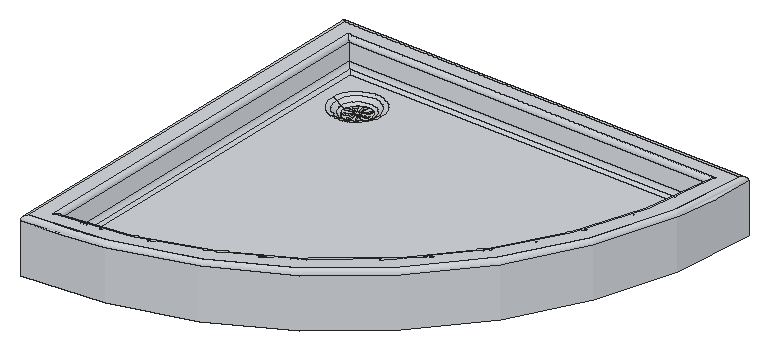
Revit family
Parameters (values of type "900 x 900")
  Width = 900 mm
  Material = none
  Manufacturer = "Revit"
  Depth = 900 mm
  Assembly Code = "D2010710"
Types (6, lengths in mm): name | Width | Depth
  (no name) | 900 | 900
  800 x 800 | 800 | 800
  700 x 700 | 700 | 700
  750 x 750 | 750 | 750
  900 x 900 | 900 | 900
  850 x 850 | 850 | 850
Reference planes
  plane 1 "Center (Front/Back)": y = 0
  plane 2: z = 0
  plane 3 "Center (Left/Right)": x = 0
  plane 4: x = -450
  plane 5: y = 450
  plane 6: x = 450
  plane 7: y = -450
  plane 8: x = -300
  plane 9: y = 300
Forms (mm)
  Sweep 1, solid, material <- "Material"
    path origin (0, 0, 0) x (1, 0, 0) y (0, 1, 0)
      loop
        line (-450, 450) -> (-450, -450)
        arc (-450, -450) -> (186.396, -186.396) -> (450, 450) r 900
        line (450, 450) -> (-450, 450)
    profile origin (0, 0, 0) x (0, 1, 0) y (0, 0, 1)
      loop
        line (450, 0) -> (450, 110)
        arc (450, 110) -> (447.071, 117.071) -> (440, 120) r 10
        line (440, 120) -> (410, 120)
        arc (410, 120) -> (402.929, 117.071) -> (400, 110) r 10
        line (400, 110) -> (394.149, 76.818)
        arc (394.149, 76.818) -> (392.193, 71.056) -> (388.595, 66.149) r 20
        line (388.595, 66.149) -> (382.446, 60) -> (382.446, 0) -> (450, 0)
  Extrusion 2, solid, material <- "Material"
    sketch origin (0, 0, 0) x (1, 0, 0) y (0, 1, 0)
      loop
        circle (-300, 300) r 30
      loop
        line (382.446, 382.446) -> (-382.446, 382.446) -> (-382.446, -382.446)
        arc (-382.446, -382.446) -> (158.414, -158.414) -> (382.446, 382.446) r 764.893
    from 0 to 60
  Revolve 3, void
    sketch origin (0, 300, 0) x (1, 0, 0) y (0, 0, 1)
      loop
        line (-300, 45) -> (-278.333, 45)
        arc (-278.333, 45) -> (-270.428, 46.283) -> (-263.333, 50) r 25
        line (-263.333, 50) -> (-254, 57)
        arc (-254, 57) -> (-249.743, 59.23) -> (-245, 60) r 15
        line (-245, 60) -> (-240, 60) -> (-240, 70) -> (-300, 70) -> (-300, 45)
      axis (-300, 45) -> (-300, 70)
    angle from 0 to 360
  Extrusion 4, solid, material <- "Material"
    sketch origin (0, 0, 3.364) x (1, 0, 0) y (0, 1, 0)
      loop
        circle (-300, 300) r 30
      loop
        arc (-302.144, 307.224) -> (-300.094, 305.174) -> (-298.044, 307.224) r 2.05
        line (-298.044, 307.224) -> (-295.017, 321.53)
        arc (-295.017, 321.53) -> (-300, 326.513) -> (-304.983, 321.53) r 4.983
        line (-304.983, 321.53) -> (-302.144, 307.224)
      loop
        line (-302.144, 292.776) -> (-304.983, 278.47)
        arc (-304.983, 278.47) -> (-300, 273.487) -> (-295.017, 278.47) r 4.983
        line (-295.017, 278.47) -> (-298.044, 292.776)
        arc (-298.044, 292.776) -> (-300.094, 294.826) -> (-302.144, 292.776) r 2.05
      loop
        arc (-307.224, 297.856) -> (-305.174, 299.906) -> (-307.224, 301.956) r 2.05
        line (-307.224, 301.956) -> (-321.53, 304.983)
        arc (-321.53, 304.983) -> (-326.513, 300) -> (-321.53, 295.017) r 4.983
        line (-321.53, 295.017) -> (-307.224, 297.856)
      loop
        line (-292.776, 297.856) -> (-278.47, 295.017)
        arc (-278.47, 295.017) -> (-273.487, 300) -> (-278.47, 304.983) r 4.983
        line (-278.47, 304.983) -> (-292.776, 301.956)
        arc (-292.776, 301.956) -> (-294.826, 299.906) -> (-292.776, 297.856) r 2.05
      loop
        arc (-306.624, 303.593) -> (-303.725, 303.593) -> (-303.725, 306.492) r 2.05
        line (-303.725, 306.492) -> (-311.701, 318.747)
        arc (-311.701, 318.747) -> (-318.747, 318.747) -> (-318.747, 311.701) r 4.983
        line (-318.747, 311.701) -> (-306.624, 303.593)
      loop
        line (-296.407, 293.376) -> (-288.299, 281.253)
        arc (-288.299, 281.253) -> (-281.253, 281.253) -> (-281.253, 288.299) r 4.983
        line (-281.253, 288.299) -> (-293.508, 296.275)
        arc (-293.508, 296.275) -> (-296.407, 296.275) -> (-296.407, 293.376) r 2.05
      loop
        arc (-303.593, 293.376) -> (-303.593, 296.275) -> (-306.492, 296.275) r 2.05
        line (-306.492, 296.275) -> (-318.747, 288.299)
        arc (-318.747, 288.299) -> (-318.747, 281.253) -> (-311.701, 281.253) r 4.983
        line (-311.701, 281.253) -> (-303.593, 293.376)
      loop
        line (-293.376, 303.593) -> (-281.253, 311.701)
        arc (-281.253, 311.701) -> (-281.253, 318.747) -> (-288.299, 318.747) r 4.983
        line (-288.299, 318.747) -> (-296.275, 306.492)
        arc (-296.275, 306.492) -> (-296.275, 303.593) -> (-293.376, 303.593) r 2.05
    from 40.065 to 43.065
Cuts and joins
  Revolve 3 cuts Sweep 1
  Revolve 3 cuts Extrusion 2
  joined: Sweep 1, Extrusion 2, Extrusion 4
Lines and regions (mm)
  symbolic lines
    curve 1: line (-450, 450, 0) -> (450, 450, 0)
    curve 2: line (-450, -450, 0) -> (-450, 450, 0)
    curve 3: line (-400, 400, 0) -> (380, 400, 0)
    curve 4: line (-400, -380, 0) -> (-400, 400, 0)
    curve 5: circle (-300, 300, 0) r 30 normal (0, 0, 1)
    curve 6: arc (-450, -450, 0) -> (186.396, -186.396, 0) -> (450, 450, 0) r 900
    curve 7: arc (380, 400, 0) -> (151.543, -151.543, 0) -> (-400, -380, 0) r 780
Dimensions and locks
  "Width": plane 4 to plane 6
  "Depth": plane 7 to plane 5
  equal spacing: plane 7, plane 1 "Center (Front/Back)", plane 5
  equal spacing: plane 4, plane 3 "Center (Left/Right)", plane 6
  locked: plane 4 to plane 8 at 150
  locked: plane 9 to plane 5 at 150
  aligned and locked: plane 4 to Sweep 1 sketch curve
  aligned and locked: plane 5 to Sweep 1 sketch curve
  aligned and locked: Extrusion 2 sketch curve to Sweep 1  (x2)
  aligned and locked: Revolve 3 sketch curve to plane 8  (x2)
  aligned and locked: curve 1 to cut or joined group of Sweep 1, Extrusion 2, Revolve 3, Extrusion 4  (x2)
Automatic sketch dimensions
  Sweep 1 sketch curve to level = 0 mm
  Sweep 1 sketch curve to profile plane = 0 mm
  profile plane to Sweep 1 sketch curve = 10 mm
  Sweep 1 sketch curve to Sweep 1 sketch curve = 30 mm
  Sweep 1 sketch curve to Sweep 1 sketch curve = 10 mm
  Sweep 1 sketch curve to Sweep 1 sketch curve = 5.851 mm
  Sweep 1 sketch curve to Sweep 1 sketch curve = 5.554 mm
  Sweep 1 sketch curve to Sweep 1 sketch curve = 6.149 mm  (x2)
  Sweep 1 sketch curve to Sweep 1 sketch curve = 19.696 mm
  level to Sweep 1 sketch curve = 60 mm
  Sweep 1 sketch curve to Sweep 1 sketch curve = 10.669 mm
  Sweep 1 sketch curve to Sweep 1 sketch curve = 33.182 mm
  Revolve 3 sketch curve to plane 8 = 21.667 mm
  Revolve 3 sketch curve to Revolve 3 sketch curve = 15 mm
  Revolve 3 sketch curve to Revolve 3 sketch curve = 9.333 mm
  Revolve 3 sketch curve to Revolve 3 sketch curve = 9 mm
  Revolve 3 sketch curve to Revolve 3 sketch curve = 5 mm  (x2)
  Revolve 3 sketch curve to level = 508 mm
  level to Revolve 3 sketch curve = 45 mm
  Revolve 3 sketch curve to Revolve 3 sketch curve = 0 mm  (x2)
  Revolve 3 sketch curve to Revolve 3 sketch curve = 7 mm
  Revolve 3 sketch curve to Revolve 3 sketch curve = 558 mm
  Extrusion 4 sketch curve to plane 9 = 0 mm  (x3)
  Extrusion 4 sketch curve to plane 8 = 0 mm  (x3)
  plane 8 to Extrusion 4 sketch curve = 0.094 mm  (x2)
  Extrusion 4 sketch curve to Extrusion 4 sketch curve = 2.05 mm  (x2)
  Extrusion 4 sketch curve to Extrusion 4 sketch curve = 1.449 mm  (x12)
  Extrusion 4 sketch curve to Extrusion 4 sketch curve = 1.582 mm  (x3)
  plane 8 to Extrusion 4 sketch curve = 4.983 mm  (x2)
  plane 9 to Extrusion 4 sketch curve = 0.094 mm  (x2)
  Extrusion 4 sketch curve to Extrusion 4 sketch curve = 0.733 mm  (x2)
  Extrusion 4 sketch curve to Extrusion 4 sketch curve = 6.718 mm  (x4)
  Extrusion 4 sketch curve to Extrusion 4 sketch curve = 3.523 mm  (x12)
  Extrusion 4 sketch curve to plane 9 = 11.701 mm  (x2)
  plane 9 to Extrusion 4 sketch curve = 4.983 mm  (x2)
  Extrusion 4 sketch curve to Extrusion 4 sketch curve = 2.783 mm  (x4)
  Extrusion 4 sketch curve to Extrusion 4 sketch curve = 1.636 mm  (x2)
  Extrusion 4 sketch curve to Extrusion 4 sketch curve = 1.769 mm
  plane 9 to Extrusion 4 sketch curve = 3.725 mm
  Extrusion 4 sketch curve to plane 9 = 3.593 mm
  Extrusion 4 sketch curve to Extrusion 4 sketch curve = 0.6 mm  (x3)
  plane 9 to Extrusion 4 sketch curve = 11.701 mm
  Extrusion 4 sketch curve to Extrusion 4 sketch curve = 10.241 mm
  plane 9 to Extrusion 4 sketch curve = 7.224 mm
  Sweep 1 sketch curve to plane 6 = 0 mm
  Extrusion 2 sketch curve to plane 8 = 0 mm
  Extrusion 2 sketch curve to plane 9 = 0 mm
  plane 6 to Extrusion 2 sketch curve = 67.554 mm
  curve 5 to plane 8 = 0 mm
  curve 1 to plane 6 = 0 mm
  curve 5 to plane 9 = 0 mm
  curve 4 to plane 4 = 50 mm
  plane 6 to curve 7 = 70 mm
  curve 4 to plane 7 = 70 mm
  radius of Extrusion 4 sketch curve = 30 mm
  radius of Extrusion 2 sketch curve = 30 mm
  radius of curve 5 = 30 mm
